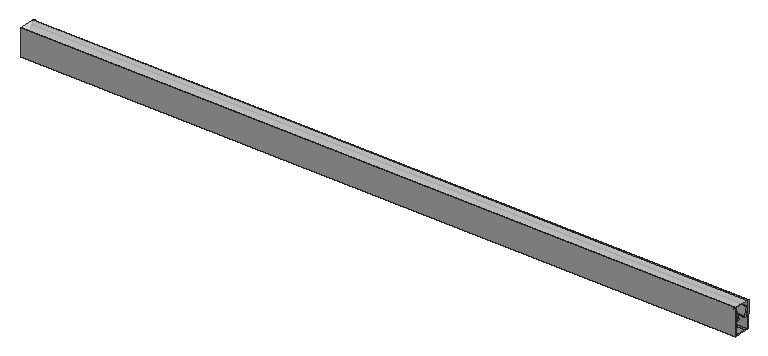
Revit family "2093117 Sylvania Lighting Fixture MC2 2-4M 4K DALI WHT OPAL Recessed", category Lighting Fixtures, host Face, Revit 2016
Family settings
  Host = Face
  Part Type = Normal
  Round Connector Dimension = Use Diameter
  OmniClass Number = 23.80.70.11.17
  OmniClass Title = Specialized Lighting by Location or Use
  Cut with Voids When Loaded = No
  Light Source = Yes
  Shared = No
  Room Calculation Point = No
Parameters (values of type "2093117 MC2 2.4M 4K DALI WHT OPAL Recessed")
  Width_SYL = 54.0 mm
  Weight = "5.544 kg"
  Wattage = 42 W
  WarrantyStartDate [instance] = "n/a"
  WarrantyGuarantorParts = "n/a"
  WarrantyDurationUnit = "n/a"
  WarrantyDurationParts = "n/a"
  WarrantyDescription = "n/a"
  built-in parameter 1150110 = 1 (stored number, unit not read)
  Voltage = 0 V
  VoidLengthRight_SYL [instance] = if(EndCapRight_SYL, Length_SYL / 2 + 2.0 mm, Length_SYL / 2)  # 1200.0 mm
  VoidLengthLeft_SYL [instance] = if(EndCapLeft_SYL, Length_SYL / 2 + 2.0 mm, Length_SYL / 2)  # 1200.0 mm
  URL = "http://www.sylvania-lighting.com"
  TypeName = "MC2 2.4M 4K DALI WHT OPAL Recessed"
  built-in parameter 1114217 = 1 (stored number, unit not read)
  Tilt Angle = -90.00°
  built-in parameter 1150109 = 1 (stored number, unit not read)
  built-in parameter 1150134 = 12
  built-in parameter 1150113 = 1 (stored number, unit not read)
  SerialNumber [instance] = "n/a"
  PowerFactor = 0.98
  PowerConsumption = "42 W"
  NominalWidth = 0.0 mm
  NominalLength = 2400.0 mm
  NominalHeight = 86.0 mm
  Name = "MC2 2.4M 4K DALI WHT OPAL Recessed"
  ModelReference = "MC2 2.4M 4K DALI WHT OPAL Recessed"
  ModelNumber = "2093117"
  Material_3_SYL = Metal_Sylvania_Mini Contiuum II_Silver
  Photometric Web File = "2093117.ies"
  Material_4_SYL = Metal_Sylvania_Mini Contiuum II_Silver
  Material = "aluminium housing, polycarbonate diffuser"
  ManufacturerName = "Feilo Sylvania"
  LuminousEfficacy = "111 lm/W"
  LuminaireType = ""
  LightOutputRatio = "100"
  Length_SYL = 2400.0 mm
  LampsType = Lamp  # "LED"
  LampNominalLuminous = "4680 lm"
  LampMacAdamStep = "3"
  LampColourTemperature = "4000 K"
  LampColourRenderingIndex = "80"
  Keynote = "16500"
  InstallationDate [instance] = "n/a"
  InputVoltage = "n/a"
  InputNominalFrequency = "n/a"
  IngressProtection = "IP20"
  ImpactProtectionIndex = "n/a"
  IfcExportType = "IfcLightFixtureType"
  IfcExportAs = "IfcLightFixtureType"
  Height_SYL = 86.0 mm
  ExpectedLife = 50000
  EndCapRight_SYL [instance] = no
  EndCapLeft_SYL [instance] = no
  Emit from Rectangle Width = Width_SYL - 2.0 mm  # 52.0 mm
  Emit from Rectangle Length = Length_SYL  # 2400.0 mm
  Emit Shape Visible in Rendering = no
  ElectricShockClassification = "Class I"
  DurationUnit = "hours"
  DocumentationLiterature = "http://www.sylvania-lighting.com/product/en-int/products/2093117"
  DimmingControlOptions = "n/a"
  CreatedOn = "10/15/2018"
  CreatedBy = "@sylvania-lighting.com"
  built-in parameter 1114216 [instance] = 1 (stored number, unit not read)
  Model = "MC2 2.4M 4K DALI WHT OPAL Recessed"
  Manufacturer = "Feilo Sylvania"
  built-in parameter 1150105 = 370.99 (stored number, unit not read)
  Lumens = 4662 lm
  built-in parameter 1150115 = 1 (stored number, unit not read)
  built-in parameter 1150137 = (empty or 0)
  built-in parameter 1150139 = (empty or 0)
  built-in parameter 1150112 = 1 (stored number, unit not read)
  built-in parameter 1150114 = 1 (stored number, unit not read)
  Lamp = "LED"
  built-in parameter 1150132 = 2
  built-in parameter 1150102 = (empty or 0)
  built-in parameter 1150107 = 4000 (stored number, unit not read)
  built-in parameter 1150138 = (empty or 0)
  built-in parameter 1150106 = 3.7099 (stored number, unit not read)
  Material_1_SYL = Metal_Sylvania_Mini Continuum II_White
  built-in parameter 1150104 = 10.312 (stored number, unit not read)
  Dimming Lamp Color Temperature Shift = <None>
  Material_2_SYL = Polycarbonate_Sylvania_Mini Continuum II_Opal_4000K
  Description = "2093117   MC2 2.4M 4K DALI WHT OPAL  Continuous lines of LED light, white RAL 9016, direct distribution, trimless detail for a seamless finish, suitable for recessed, semi-recessed, surface-mounted or suspended installation either horizontally or vertically, various accessories available, compact and minimalist design based on the Golden Mean, ideal for offices, meeting rooms, corridors, education facilities, museums and libraries, extruded aluminium body, diffuser: opal, colour temperature: 4000K neutral white, total system power: 42W, total fixture output: 4414lm, luminaire efficacy: 105lm/W, LOR: 100%, colour rendering: Ra >80, LED Chromacity: 1 step MacAdam ellipse, lifetime: 60,000 hours at 90% of the original output (L90), energy class: A++, A+, A, IR/UV free light source without heat radiation, operating voltage: 220-240V / 50-60Hz, drive current: 800mA, electronic driver, DALI dimmable, electrical protection: CLASS I, IP20, suitable for internal environment only."
  Default Elevation = 0.0 mm
  Color Filter = 16777215
  built-in parameter 1140040 [instance] = 1
  BarCode [instance] = "n/a"
  built-in parameter 1114218 = 1 (stored number, unit not read)
  built-in parameter 1150133 = 10 (stored number, unit not read)
  AssetType = "Fixed"
  AssetIdentifier [instance] = "n/a"
  Assembly Code = "D5020200"
  Apparent Load = 42 VA
Reference planes
  plane 1 "Center (Front/Back)": y = 0
  plane 2 "Bottom Fixtures": z = 0
  plane 3 "Center (Left/Right)": x = 0
  plane 4 "Fixture Left": x = -1200
  plane 5 "Fixture Right": x = 1200
  plane 6 "Fixture Bottom": z = 0
  plane 7: z = -2
  plane 8: z = -4
  plane 9: z = -13.049
  plane 10: z = -43.049
  plane 11 "Fixture Top": z = -86
  plane 12 "Mounting Right": x = 1172
  plane 13 "Mounting Left": x = -1172
  plane 14: z = -121
  plane 15: y = 27
  plane 16: y = -27
  plane 17: y = -26
  plane 18: y = -25
  plane 19: y = 26
  plane 20: y = 25
  plane 21: y = 11
  plane 22: y = -11
  plane 23: y = 24
  plane 24: y = 22
  plane 25: y = -22
  plane 26: y = 15
  plane 27: y = -15
  plane 28 "Upper Diffuser Left": x = -1050
  plane 29 "Upper Diffuser Right": x = 1050
  plane 30: x = -1202
  plane 31: x = 1202
  plane 32: x = -1200
  plane 33: x = 1200
Forms (mm)
  Extrusion 1, solid, material "Metal_Sylvania_Mini Continuum II_White" <- "Material_1_SYL", detail levels fine
    sketch origin (0, 0, 520) x (0, 1, 0) y (0, 0, 1)
      loop
        line (27, -520) -> (26, -520) -> (26, -522) -> (25, -522) -> (25, -604) -> (13, -604) -> (13, -602) -> (-13, -602) -> (-13, -604) -> (-25, -604) -> (-25, -522) -> (-26, -522) -> (-26, -520) -> (-27, -520) -> (-27, -606) -> (-11, -606) -> (-11, -604) -> (11, -604) -> (11, -606) -> (27, -606) -> (27, -520)
    from -1200 to 1200
  Extrusion 2, solid, material "Polycarbonate_Sylvania_Mini Continuum II_Opal_4000K" <- "Material_2_SYL", detail levels fine
    sketch origin (0, 0, 520) x (0, 1, 0) y (0, 0, 1)
      loop
        line (-26, -520) -> (-26, -522) -> (26, -522) -> (26, -520) -> (-26, -520)
    from -1200 to 1200
  Extrusion 3, solid, material "Metal_Sylvania_Mini Contiuum II_Silver" <- "Material_3_SYL", detail levels fine
    sketch origin (0, 0, 520) x (0, 1, 0) y (0, 0, 1)
      loop
        line (22, -533.049) -> (20.973, -533.049) -> (14.206, -562.049) -> (11, -562.049) -> (11, -563.049) -> (15, -563.049) -> (22, -533.049)
      loop
        line (-15, -563.049) -> (-11, -563.049) -> (-11, -562.049) -> (-14.206, -562.049) -> (-20.973, -533.049) -> (-22, -533.049) -> (-15, -563.049)
    from -1200 to 1200
  Extrusion 4, solid, material "Metal_Sylvania_Mini Continuum II_White" <- "Material_1_SYL", detail levels coarse+medium
    sketch origin (0, 0, 520) x (0, 1, 0) y (0, 0, 1)
      loop
        line (-27, -520) -> (-27, -606) -> (27, -606) -> (27, -520) -> (-27, -520)
    from -1200 to 1200
  Extrusion 5, solid, material "Metal_Sylvania_Mini Continuum II_White" <- "Material_1_SYL", visible <- "EndCapLeft_SYL"
    sketch origin (-1200, 171.684, 1219.2) x (0, 1, 0) y (0, 0, 1)
      loop
        line (-198.684, -1305.2) -> (-144.684, -1305.2) -> (-144.684, -1219.2) -> (-198.684, -1219.2) -> (-198.684, -1305.2)
    from 0 to -2
  Extrusion 6, solid, material "Metal_Sylvania_Mini Continuum II_White" <- "Material_1_SYL", visible <- "EndCapRight_SYL"
    sketch origin (1200, 171.684, 1219.2) x (0, 1, 0) y (0, 0, -1)
      loop
        line (-144.684, 1219.2) -> (-144.684, 1305.2) -> (-198.684, 1305.2) -> (-198.684, 1219.2) -> (-144.684, 1219.2)
    from 0 to -2
  Extrusion 7, void
    sketch origin (0, 0, 0) x (1, 0, 0) y (0, 1, 0)
      loop
        line (-1200, 27) -> (-1200, -27) -> (1200, -27) -> (1200, 27) -> (-1200, 27)
    from 0 to -86
Lines and regions (mm)
  Masking region 1
    outline origin (0, 0, -86) x (-1, 0, 0) y (0, -1, 0)
      loop
        line (1200, -27) -> (1200, 27) -> (-1200, 27) -> (-1200, -27) -> (1200, -27)
  symbolic lines, detail levels fine
    curve 1: line (-1200, 26, -86) -> (1200, 26, -86)
    curve 2: line (-1200, -26, -86) -> (1200, -26, -86)
Dimensions and locks
  host sketch curve to plane 3 "Center (Left/Right)" to host sketch curve = 820.0 mm, 775.047 mm
  equal spacing: plane 4 "Fixture Left", plane 3 "Center (Left/Right)", plane 5 "Fixture Right"
  "Length_SYL": plane 4 "Fixture Left" to plane 5 "Fixture Right"
  plane 6 "Fixture Bottom" to plane 7 to plane 8 to plane 9 to plane 10 = 2.0 mm locked, 2.0 mm locked, 9.049 mm locked, 30.0 mm locked
  locked: Extrusion 1 sketch curve to Extrusion 1 sketch curve at 2
  locked: Extrusion 1 sketch curve to plane 11 "Fixture Top" at 2
  "Height_SYL": plane 6 "Fixture Bottom" to plane 11 "Fixture Top"
  locked: plane 12 "Mounting Right" to plane 5 "Fixture Right" at 28
  locked: plane 4 "Fixture Left" to plane 13 "Mounting Left" at 28
  locked: plane 11 "Fixture Top" to plane 14 at 35
  plane 6 "Fixture Bottom" to plane 2 "Bottom Fixtures" = 0.0 mm
  equal spacing: plane 15, plane 1 "Center (Front/Back)", plane 16
  "Width_SYL": plane 15 to plane 16
  plane 22 to plane 27 to plane 25 to plane 18 to plane 17 to plane 16 = 4.0 mm locked, 7.0 mm locked, 3.0 mm locked, 1.0 mm locked, 1.0 mm locked
  plane 15 to plane 19 to plane 20 to plane 23 to plane 24 to plane 26 to plane 21 = 1.0 mm locked, 1.0 mm locked, 1.0 mm locked, 2.0 mm locked, 7.0 mm locked, 4.0 mm locked
  locked: plane 4 "Fixture Left" to plane 28 "Upper Diffuser Left" at 150
  locked: plane 29 "Upper Diffuser Right" to plane 5 "Fixture Right" at 150
  equal spacing: plane 30, plane 3 "Center (Left/Right)", plane 31
  locked: plane 30 to plane 4 "Fixture Left" at 2
  plane 3 "Center (Left/Right)" to plane 33 = 1200.0 mm
  "VoidLengthLeft_SYL": plane 32 to plane 3 "Center (Left/Right)"
  "VoidLengthRight_SYL": plane 3 "Center (Left/Right)" to plane 33
  aligned and locked: plane 2 "Bottom Fixtures" to host face
  aligned and locked: level to host face
  aligned and locked: plane 5 "Fixture Right" to curve 1
  aligned and locked: plane 4 "Fixture Left" to curve 1
  aligned and locked: plane 4 "Fixture Left" to curve 2
  aligned and locked: plane 5 "Fixture Right" to curve 2
  aligned and locked: Extrusion 1 sketch curve to plane 7
  aligned and locked: plane 6 "Fixture Bottom" to Extrusion 1 sketch curve  (x2)
  aligned and locked: plane 7 to Extrusion 1 sketch curve
  aligned and locked: Extrusion 1 to Extrusion 2 sketch curve
  aligned and locked: Extrusion 2 sketch curve to Extrusion 1  (x3)
  aligned and locked: Extrusion 3 sketch curve to plane 10
  aligned and locked: plane 9 to Extrusion 3 sketch curve
  aligned and locked: Extrusion 3 sketch curve to plane 9
  aligned and locked: Extrusion 4 sketch curve to plane 6 "Fixture Bottom"
  aligned and locked: Extrusion 4 to plane 4 "Fixture Left"
  aligned and locked: Extrusion 2 to plane 4 "Fixture Left"
  aligned and locked: Extrusion 3 to plane 4 "Fixture Left"
  aligned and locked: Extrusion 1 to plane 4 "Fixture Left"
  aligned and locked: Extrusion 4 to plane 5 "Fixture Right"
  aligned and locked: Extrusion 2 to plane 5 "Fixture Right"
  aligned and locked: Extrusion 3 to plane 5 "Fixture Right"
  aligned and locked: Extrusion 1 to plane 5 "Fixture Right"
  aligned and locked: plane 11 "Fixture Top" to Extrusion 4 sketch curve
  aligned and locked: Extrusion 1 sketch curve to plane 11 "Fixture Top"  (x2)
  aligned and locked: Extrusion 1 sketch curve to Extrusion 1 sketch curve
  aligned and locked: plane 6 "Fixture Bottom" to imposter light
  aligned and locked: plane 21 to Extrusion 3 sketch curve
  aligned and locked: plane 22 to Extrusion 3 sketch curve
  aligned and locked: Extrusion 5 sketch curve to Extrusion 4  (x4)
  aligned and locked: Extrusion 5 to plane 30
  aligned and locked: plane 4 "Fixture Left" to Extrusion 5
  aligned and locked: Extrusion 6 sketch curve to Extrusion 4  (x4)
  aligned and locked: plane 31 to Extrusion 6
  aligned and locked: plane 5 "Fixture Right" to Extrusion 6
  aligned and locked: Extrusion 7 sketch curve to Extrusion 5
  aligned and locked: Extrusion 7 sketch curve to Extrusion 6
  aligned and locked: level to Extrusion 7
  aligned and locked: plane 2 "Bottom Fixtures" to Extrusion 7
  aligned and locked: Extrusion 7 to plane 32
  aligned and locked: plane 33 to Extrusion 7
  aligned and locked: imposter light to plane 1 "Center (Front/Back)"
  aligned and locked: plane 3 "Center (Left/Right)" to imposter light
  aligned and locked: Extrusion 7 to Extrusion 1
Automatic sketch dimensions
  host sketch curve to host sketch curve = 1047.463 mm
  plane 19 to curve 1 = 0.0 mm
  curve 2 to plane 17 = 0.0 mm
  Masking region 1 sketch curve to plane 5 "Fixture Right" = 0.0 mm
  Masking region 1 sketch curve to plane 4 "Fixture Left" = 0.0 mm
  plane 15 to Masking region 1 sketch curve = 0.0 mm
  Masking region 1 sketch curve to plane 16 = 0.0 mm
  Extrusion 1 sketch curve to plane 16 = 0.0 mm
  Extrusion 1 sketch curve to plane 17 = 0.0 mm
  Extrusion 1 sketch curve to plane 18 = 0.0 mm
  Extrusion 1 sketch curve to plane 22 = 0.0 mm
  Extrusion 1 sketch curve to plane 21 = 0.0 mm
  Extrusion 1 sketch curve to plane 20 = 0.0 mm
  Extrusion 1 sketch curve to plane 19 = 0.0 mm
  Extrusion 1 sketch curve to plane 15 = 0.0 mm
  plane 11 "Fixture Top" to Extrusion 1 sketch curve = 2.0 mm
  Extrusion 1 sketch curve to plane 22 = 2.0 mm
  Extrusion 1 sketch curve to plane 21 = 2.0 mm
  Extrusion 3 sketch curve to plane 25 = 0.0 mm
  Extrusion 3 sketch curve to plane 27 = 0.0 mm
  Extrusion 3 sketch curve to plane 26 = 0.0 mm
  Extrusion 3 sketch curve to plane 24 = 0.0 mm
  plane 10 to Extrusion 3 sketch curve = 1.0 mm
  Extrusion 3 sketch curve to Extrusion 3 sketch curve = 1.027 mm
  plane 27 to Extrusion 3 sketch curve = 0.794 mm
  plane 26 to Extrusion 3 sketch curve = 0.794 mm
  plane 24 to Extrusion 3 sketch curve = 1.027 mm
  Extrusion 4 sketch curve to plane 16 = 0.0 mm
  Extrusion 4 sketch curve to plane 15 = 0.0 mm
  Extrusion 3 sketch curve to Extrusion 3 sketch curve = 0.0 mm
  Extrusion 3 sketch curve to plane 10 = 0.0 mm
  plane 30 to Extrusion 7 sketch curve = 2.0 mm
  Extrusion 7 sketch curve to plane 31 = 2.0 mm
Connectors
  electrical at (1200, 0, -51), driven by "Apparent Load"
    settings: on Extrusion 1, index 1, voltage 230 V, apparent load 0 VA, apparent load phase1 42 VA, apparent load phase2 0 VA, apparent load phase3 0 VA, power factor 1, load classification "Lighting", number of poles 1, system type 31, power factor state 1, is connector primary yes, connector utility no, sub classification motor no, connector description ""
